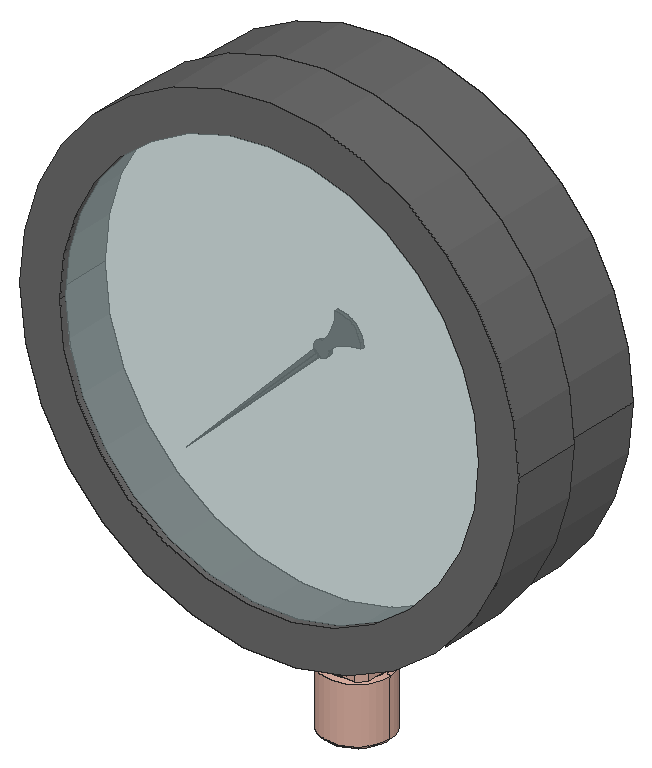
Revit family "РОСМА_Манометр_IP54", category Арматура трубопроводов, Revit 2018
Family settings
  Размер круглого соединителя = Использовать диаметр
  Тип детали = Вставляется
  На основе рабочей плоскости = Нет
  Всегда вертикально = Да
  При загрузке вырезать с полостями = Нет
  Общий = Нет
Parameters (values of type "610")
  Техническая документация = "ТУ 4212-001-4719015564-2008; ГОСТ 2405–88"  # constant formula
  Keynote = ""
  Ду [instance] = DN  # 15 mm
  Table_2 = "Спец_10серияIP54"  # constant formula
  Присоединение = "Радиальное"  # constant formula
  Описание = "Манометр показывающий ТМ серия 10, с повышенной  пылевлагозащищенностью."  # constant formula
  Межповерочный интервал = "2 года"  # constant formula
  Код IP = "IP54"  # constant formula
  Климатическое исполнение = "Группа Д2 по ГОСТ Р 52931; климатическое исполнение УХЛ категории 1.1 по ГОСТ 15150"  # constant formula
  Класс точности = "1,5"  # constant formula
  Исполнение = 610
  Изготовитель = "ЗАО \"РОСМА\""
  Диапазон раб. температур окр. среды [instance] = "от -60°С до +60°С"  # constant formula
  Диапазон раб. температур измер. среды [instance] = "от -50°С до +150°С"  # constant formula
  Table = "Размеры_10серияIP54"  # constant formula
  Счетчик списка [instance] = if(Диапазон давлений = Давление01, 1, if(Диапазон давлений = Давление03, 3, if(Диапазон давлений = Давление04, 4, if(Диапазон давлений = Давление05, 5, if(Диапазон давлений = Давление06, 6, if(Диапазон давлений = Давление07, 7, if(Диапазон давлений = Давление08, 8, if(Диапазон давлений = Давление09, 9, if(Диапазон давлений = Давление10, 10, if(Диапазон давлений = Давление11, 11, if(Диапазон давлений = Давление12, 12, if(Диапазон давлений = Давление13, 13, if(Диапазон давлений = Давление14, 14, if(Диапазон давлений = Давление15, 15, if(Диапазон давлений = Давление16, 16, if(Диапазон давлений = Давление17, 17, if(Диапазон давлений = Давление18, 18, if(Диапазон давлений = Давление19, 19, if(Диапазон давлений = Давление20, 20, if(Диапазон давлений = Давление21, 21, if(Диапазон давлений = Давление22, 22, if(Диапазон давлений = Давление23, 23, 24))))))))))))))))))))))  # 4
  G = 20 mm
  Dполости_переднСт [instance] = D_полости - 6 mm  # 128 mm
  Drezba = "M20"
  D_полости [instance] = D2 - 14 mm  # 134 mm
  DN = 15.00 mm
  Длина стрелки = D2 / 2 - 18 mm  # 56 mm
  Диапазон давлений [instance] = ‎ : ТМ 0…0,16МПа
  Давление24 = ‎ : ТМВ -0,1…2,4МПа
  Давление23 = ‎ : ТМВ -0,1…1,5МПа
  Давление22 = ‎ : ТМВ -0,1…0,9МПа
  Давление21 = ‎ : ТМВ -0,1…0,5МПа
  Давление20 = ‎ : ТМВ -0,1…0,3МПа
  Давление19 = ‎ : ТМВ -0,1…0,15МПа
  Давление18 = ‎ : ТМ 0…100МПа
  Давление17 = ‎ : ТМ 0…60МПа
  Давление16 = ‎ : ТМ 0…40МПа
  Давление15 = ‎ : ТМ 0…25МПа
  Давление09 = ‎ : ТМ 0…1,6МПа
  Давление08 = ‎ : ТМ 0…1,0МПа
  Давление07 = ‎ : ТМ 0…0,6МПа
  Давление06 = ‎ : ТМ 0…0,4МПа
  Давление05 = ‎ : ТМ 0…0,25МПа
  Давление04 = ‎ : ТМ 0…0,16МПа
  Давление03 = ‎ : ТМ 0…0,1МПа
  Давление14 = ‎ : ТМ 0…16МПа
  Давление13 = ‎ : ТМ 0…10МПа
  Давление12 = ‎ : ТМ 0…6МПа
  Давление11 = ‎ : ТМ 0…4МПа
  Давление10 = ‎ : ТМ 0…2,5МПа
  Давление01 = ‎ : ТВ -0,1…0МПа
  Группа модели = "Оборудование"
  h = 110 mm
  f = 18 mm
  e = 23 mm
  b-e = b - e  # 25 mm
  b = 48 mm
  URL = "https://rosma.spb.ru/manometers/s-povyshennoj-pylevlagozaschischennostyu/"
  S = 17 mm
  Rg2 [instance] = S / 2 + 6 mm  # 14.5 mm
  Rg1 [instance] = S / 2 + 2 mm  # 10.5 mm
  R_Logo = Длина стрелки - 5 mm  # 51 mm
  R2 шкала = D2 / 2 - 16 mm  # 58 mm
  R1 шкала = D2 / 2 - 14 mm  # 60 mm
  Lrezba = 15 mm
  Lgol = 2 mm
  h гайки = 17 mm
  Dgol [instance] = 18 mm
  Ddempfer [instance] = 6 mm  # constant formula
  D2 = 148 mm
  D2/2 [instance] = D2 / 2  # 74 mm
  D1 = 152 mm
  D = 150 mm
  Copyright = "EPICON"  # constant formula
  Author (e-mail) = "project@epicon.biz"  # constant formula
  ADSK_Примечание [instance] = ""
  ADSK_Позиция [instance] = ""
  ADSK_Наименование [instance] = size_lookup(Table, "ADSK_Наименование", "Нет в каталоге", Счетчик списка)  # "Манометр ТМ серия 10"
  ADSK_Масса_Текст = "0,71"
  ADSK_Марка [instance] = size_lookup(Table, "ADSK_Марка", "Нет в каталоге", Счетчик списка, Исполнение)  # "ТМ-610Р.00(0-0.16МРа)М20х1.5.1.5.IP54"
  ADSK_Количество = 1  # constant formula
  ADSK_Код изделия [instance] = " "
  ADSK_Завод-изготовитель [instance] = size_lookup(Table, "ADSK_Завод-изготовитель", "Нет в каталоге", Счетчик списка, Исполнение)  # "ЗАО \"РОСМА\""
  ADSK_Единица измерения = "шт."
Reference planes
  plane 1 "По центру (Вперед/Назад)": y = 0
  plane 2: z = 0
  plane 3 "По центру (Влево/Вправо)": x = 0
  plane 4 "b1": y = 15.6
  plane 5 "f2": y = -33.4
  plane 6 "f1": y = -15.6
  plane 7: z = 91
  plane 8 "стекло": y = -31.4
  plane 9 "Табло": y = -16.6
  plane 10 "sr": x = 8.5
  plane 11 "sl": x = -8.5
  plane 12 "sb": y = 8.5
  plane 13 "sf": y = -8.5
  plane 14 "низкорпуса": z = 17
  plane 15: z = -19
  plane 16: z = -21
  plane 17: z = 53.422
Forms (mm)
  Extrusion 1, solid, material "_Медь", detail levels fine
    sketch origin (0, 0, 17) x (-1, 0, 0) y (0, -1, 0)
      loop
        line (8.5, -8.5) -> (8.5, 8.5) -> (-8.5, 8.5) -> (-8.5, -8.5) -> (8.5, -8.5)
    from 0 to -17
  Extrusion 2, void
    sketch origin (0, 0, 17) x (-1, 0, 0) y (0, -1, 0)
      loop
        circle (0, 0) r 10.5
      loop
        circle (0, 0) r 14.5
    from 0 to -17
  Extrusion 3, solid, material "_Медь", detail levels fine
    sketch origin (0, 0, 17) x (-1, 0, 0) y (0, -1, 0)
      loop
        circle (0, 0) r 10
    from -17 to -36
  Sweep 4, void
    path in 3D
      loop
        arc (-10, 0, -19) -> (0, -10, -19) -> (10, 0, -19) r 10
        arc (10, 0, -19) -> (0, 10, -19) -> (-10, 0, -19) r 10
    profile origin (0, 10, -19) x (0, 1, 0) y (0, 0, -1)
      loop
        line (0, 0) -> (-1.016, 0) -> (0, -1.016) -> (0, 0)
  Sweep 5, void
    path in 3D
      loop
        arc (-10, 0, 0) -> (0, 10, 0) -> (10, 0, 0) r 10
        arc (10, 0, 0) -> (0, -10, 0) -> (-10, 0, 0) r 10
    profile origin (0, -10, 0) x (0, -1, 0) y (0, 0, 1)
      loop
        line (0, 0) -> (-1, 0) -> (0, -1) -> (0, 0)
  Extrusion 6, solid, material "_Медь", detail levels fine
    sketch origin (-21.391, -1524, 2) x (-1, 0, 0) y (0, -1, 0)
      loop
        circle (-21.391, -1524) r 3
    from -23 to -2
Cuts and joins
  Extrusion 2, Sweep 5 cuts Extrusion 1
  Sweep 4, Sweep 5 cuts Extrusion 3
  joined: Extrusion 1, Extrusion 3
Lines and regions (mm)
  reference lines
    curve 1: circle (0, 0, 0) r 17 normal (0, 0, 1)
    curve 2: circle (0, 0, 0) r 13 normal (0, 0, 1)
    curve 3: circle (0, 0, 17) r 10 normal (0, 0, 1)
  sketch lines
    curve 4: arc (10, 0, -19) -> (0, 10, -19) -> (-10, 0, -19) r 10
    curve 5: arc (-10, 0, -19) -> (0, -10, -19) -> (10, 0, -19) r 10
    curve 6: arc (10, 0, 0) -> (0, -10, 0) -> (-10, 0, 0) r 10
    curve 7: arc (-10, 0, 0) -> (0, 10, 0) -> (10, 0, 0) r 10
Dimensions and locks
  plane 5 "f2" to plane 1 "По центру (Вперед/Назад)" = 33.4 mm
  plane 1 "По центру (Вперед/Назад)" to plane 6 "f1" = 15.6 mm
  plane 4 "b1" to plane 1 "По центру (Вперед/Назад)" = 15.6 mm
  plane 8 "стекло" to plane 5 "f2" = 2 mm
  locked: plane 6 "f1" to plane 9 "Табло" at 1
  plane 3 "По центру (Влево/Вправо)" to plane 10 "sr" = 8.5 mm
  plane 11 "sl" to plane 3 "По центру (Влево/Вправо)" = 8.5 mm
  "D2/2": plane 7 to plane 14 "низкорпуса"
  "h": plane 7 to plane 15
  "h гайки": plane 14 "низкорпуса" to plane 2
  equal spacing: plane 12 "sb", plane 1 "По центру (Вперед/Назад)", plane 13 "sf"
  equal spacing: plane 11 "sl", plane 3 "По центру (Влево/Вправо)", plane 10 "sr"
  "S": plane 11 "sl" to plane 10 "sr"
  "S": plane 12 "sb" to plane 13 "sf"
  plane 17 to plane 14 "низкорпуса" = 36.422 mm
  "Lgol": plane 15 to plane 16
  radius of curve 1 = 17 mm
  radius of curve 2 = 13 mm
  radius of curve 3 = 10 mm
  "Rg1": radius of Extrusion 2 sketch curve
  "Rg2": radius of Extrusion 2 sketch curve
  "G": diameter of Extrusion 3 sketch curve
  "Ddempfer": diameter of Extrusion 6 sketch curve
  aligned and locked: level to plane 2
  aligned and locked: plane 14 "низкорпуса" to cut or joined group of Extrusion 1, Extrusion 2, Extrusion 3, Sweep 4, Sweep 5
  aligned and locked: plane 14 "низкорпуса" to Extrusion 2
  aligned and locked: Extrusion 2 to Extrusion 1
  aligned and locked: plane 2 to cut or joined group of Extrusion 1, Extrusion 2, Extrusion 3, Sweep 4, Sweep 5
  aligned and locked: Extrusion 6 to plane 16
  aligned and locked: cut or joined group of Extrusion 1, Extrusion 2, Extrusion 3, Sweep 4, Sweep 5 to plane 2
  aligned and locked: plane 3 "По центру (Влево/Вправо)" to nested 1
  aligned and locked: plane 1 "По центру (Вперед/Назад)" to nested 1
  aligned and locked: plane 2 to Extrusion 6
  aligned and locked: nested 1 to plane 7
  aligned and locked: plane 15 to cut or joined group of Extrusion 1, Extrusion 2, Extrusion 3, Sweep 4, Sweep 5
  aligned and locked: plane 3 "По центру (Влево/Вправо)" to nested 2
  aligned and locked: plane 1 "По центру (Вперед/Назад)" to nested 2
Automatic sketch dimensions
  curve 1 to curve 2 = 0 mm  (x2)
  plane 1 "По центру (Вперед/Назад)" to curve 2 = 0 mm
  curve 2 to plane 3 "По центру (Влево/Вправо)" = 0 mm
  Extrusion 1 sketch curve to plane 10 "sr" = 0 mm
  Extrusion 1 sketch curve to plane 11 "sl" = 0 mm
  Extrusion 1 sketch curve to plane 12 "sb" = 0 mm
  Extrusion 1 sketch curve to plane 13 "sf" = 0 mm
  plane 1 "По центру (Вперед/Назад)" to curve 3 = 0 mm
  curve 3 to plane 3 "По центру (Влево/Вправо)" = 0 mm
  profile plane to Sweep 4 sketch curve = 0 mm
  Sweep 4 sketch curve to profile plane = 0 mm
  profile plane to Sweep 4 sketch curve = 1.016 mm
  Sweep 4 sketch curve to profile plane = 1.016 mm
  Sweep 5 sketch curve to profile plane = 0 mm  (x2)
  profile plane to Sweep 5 sketch curve = 1 mm
  Sweep 5 sketch curve to profile plane = 1 mm
  Extrusion 2 sketch curve to Extrusion 2 sketch curve = 0 mm  (x2)
  plane 1 "По центру (Вперед/Назад)" to Extrusion 2 sketch curve = 0 mm
  Extrusion 2 sketch curve to plane 3 "По центру (Влево/Вправо)" = 0 mm
  plane 1 "По центру (Вперед/Назад)" to Extrusion 3 sketch curve = 0 mm
  Extrusion 3 sketch curve to plane 3 "По центру (Влево/Вправо)" = 0 mm
  plane 1 "По центру (Вперед/Назад)" to Extrusion 6 sketch curve = 0 mm
  Extrusion 6 sketch curve to plane 3 "По центру (Влево/Вправо)" = 0 mm
Nested families
  nested 1: "Корпус манометра_Ст_Исп_IP54" at (0, 0, 91), D1 <- "D1", D2 <- "D2", Диаметр полости <- "D_полости", R2_шкала <- "R2 шкала", R1_шкала <- "R1 шкала", Длина стрелки <- "Длина стрелки", R_лого <- "R_Logo", b-е <- "b-e", e <- "e", Dполости_переднСт <- "Dполости_переднСт", type "ТМ", detail levels fine
    with Угол раскрытия 0.00°, Длина стрелки 56 mm, Диаметр полости 134 mm, e 23 mm, b-е 25 mm, R_лого 51 mm, R2_шкала 58 mm, R1_шкала 60 mm, N2_шкала 0, N1_шкала 0, Dполости_переднСт 128 mm, D2 148 mm, D1 152 mm
  nested 2: "DAA_УГО_МанометрПоказывающий_ГОСТ21.208-2013" at (0, 0, 0), type "DAA_УГО_МанометрПоказывающий_ГОСТ21.208-2013", detail levels coarse+medium
Connectors
  piping at (0, 0, 0), diameter 15, driven by "DN"
    settings: on Extrusion 6, index 1, connector inside diameter 609.6 mm, connector length 0 mm, flow factor 0, pipe flow 0.0 L/s, pressure drop 0 MPa, fitting loss kfactor 0, connector angle 0.00°, fixture units 0, engagement length 0 mm, angle of deflection 0.00°, flow configuration 0, flow direction 0, fitting loss method 0, system type 7, joint type 0, gender type 0, connector reference index -1, connector utility 0, adjustable connector no, is connector primary yes, connector description ""
Definition of nested family "Корпус манометра_Ст_Исп_IP54"
  Parameters (values of type "ТМ")
    блокировка = 16.236 mm
    блок = 0 mm
    Угол раскрытия [instance] = 0.00°
    Description = ""
    Материал корпуса [instance] = none
    Manufacturer = ""
    Длина стрелки [instance] = 30.558 mm
    Диаметр полости [instance] = 98 mm
    Model = "Оборудование"
    e [instance] = 17.8 mm
    b-е [instance] = 31.2 mm
    URL = ""
    R_лого [instance] = 21.217 mm
    N2_шкала [instance] = 0
    N1_шкала [instance] = 0
    Dполости_переднСт [instance] = 92 mm
    D2 [instance] = 98 mm
    D1 [instance] = 100 mm
    Copyright = "ЭПИКОН"  # constant formula
    Author (e-mail) = "https://epicon.biz"  # constant formula
    R2_шкала [instance] = 80 mm
    R1_шкала [instance] = 60 mm
  Reference planes
    plane 1 "По центру (Вперед/Назад)": y = 0
    plane 2: z = 0
    plane 3 "По центру (Влево/Вправо)": x = 0
    plane 4 "задняя стенка": y = 15.6
    plane 5 "f2": y = -33.4
    plane 6 "f1": y = -15.6
    plane 7 "стекло": y = -31.4
    plane 8 "Табло": y = -16.6
    plane 9 "sr": x = 11
    plane 10 "sl": x = -11
    plane 11 "sb": y = 11
    plane 12 "sf": y = -11
    plane 13: z = -49
    plane 14: through (-2.116, -1524, -0.789) normal (0.7071, 0, 0.7071)
    plane 15: through (0, -1524, 0) normal (0.7071, 0, -0.7071)
    plane 16: through (0, -1524, 0) normal (0.7071, 0, -0.7071)
    plane 17: through (-25.815, -1524, -20.305) normal (0.7071, 0, 0.7071)
    plane 18: y = 15.6
    plane 19 "толщина стрелки": y = -16.6
  Forms (mm)
    Extrusion 1, void
      sketch origin (-603.868, 0, -179.968) x (1, 0, 0) y (0, 0, 1)
        loop
          circle (603.868, 179.968) r 49
      from 15.6 to 31.4
    Extrusion 2, solid, detail levels fine
      sketch origin (-355.068, -31.4, -174.854) x (-1, 0, 0) y (0, 0, 1)
        loop
          circle (-355.068, 174.854) r 49
      from 0 to 2
    Extrusion 3, solid, material <- "Материал корпуса", detail levels fine
      sketch origin (-402.089, 0, -169.881) x (1, 0, 0) y (0, 0, 1)
        loop
          circle (402.089, 169.881) r 50
      from 15.6 to 33.4
    Extrusion 4, solid, material <- "Материал корпуса", detail levels fine
      sketch origin (-312.609, 0, -285.527) x (1, 0, 0) y (0, 0, 1)
        loop
          circle (312.609, 285.527) r 49
      from -15.6 to 15.6
    Extrusion 5, solid, detail levels fine
      sketch origin (-55.684, -16.6, 0) x (-1, 0, 0) y (0, 0, 1)
        loop
          arc (-56.075, 2.339) -> (-58.877, 6.819) -> (-59.807, 12.021) r 13.923
          arc (-59.807, 12.021) -> (-65.373, 9.716) -> (-67.678, 4.15) r 7.871
          arc (-67.678, 4.15) -> (-62.461, 3.301) -> (-58.013, 0.444) r 12.998
          arc (-58.013, 0.444) -> (-54.026, -1.695) -> (-56.075, 2.339) r 2.371
      from 0 to 1
    Extrusion 6, solid
      sketch origin (0, -16.6, 0) x (-1, 0, 0) y (0, 0, 1)
        loop
          line (23.06, -23.06) -> (2.291, -0.614) -> (1.452, -1.452) -> (23.06, -23.06)
      from 0 to 1
    Extrusion 7, solid
      sketch origin (0, -16.6, 0) x (0, 0, -1) y (-1, 0, 0)
        loop
          line (23.06, 23.06) -> (1.452, 1.452) -> (2.291, 0.614) -> (23.06, 23.06)
      from 0 to 1
    Extrusion 8, void
      sketch origin (0, -16.6, 0) x (-1, 0, 0) y (0, 0, 1)
        loop
          circle (0, 0) r 46
      from -16.8 to -14.8
  Cuts and joins
    Extrusion 1, Extrusion 8 cuts Extrusion 3
    Extrusion 8 cuts Extrusion 4
    Extrusion 8 cuts Extrusion 5
    Extrusion 8 cuts Extrusion 6
    Extrusion 8 cuts Extrusion 7
  Lines and regions (mm)
    model lines, not visible
      curve 1: line (97.62, 15.6, 6.514) -> (97.62, 15.6, 2.045)
      curve 2: line (97.62, 15.6, 2.045) -> (96.54, 15.6, 2.045)
      curve 3: line (96.54, 15.6, 2.045) -> (96.54, 15.6, 3.335)
      curve 4: line (96.54, 15.6, 3.335) -> (95.49, 15.6, 3.335)
      curve 5: line (95.712, 15.6, 6.514) -> (97.62, 15.6, 6.514)
      curve 6: arc (95.712, 15.6, 6.514) -> (94.35, 15.6, 5.012) -> (95.49, 15.6, 3.335) r 1.639
      curve 7: line (95.834, 15.6, 5.755) -> (96.697, 15.6, 5.755)
      curve 8: line (96.697, 15.6, 5.755) -> (96.697, 15.6, 4.198)
      curve 9: line (96.697, 15.6, 4.198) -> (95.834, 15.6, 4.198)
      curve 10: arc (95.834, 15.6, 5.755) -> (95.056, 15.6, 4.977) -> (95.834, 15.6, 4.198) r 0.779
      curve 11: circle (91.712, 15.6, 4.198) r 2.25 normal (0, -1, 0)
      curve 12: circle (91.712, 15.6, 4.198) r 1.301 normal (0, -1, 0)
      curve 13: arc (85.593, 15.6, 5.171) -> (87.99, 15.6, 4.265) -> (85.603, 15.6, 3.335) r 1.372
      curve 14: arc (84.964, 15.6, 2.754) -> (88.939, 15.6, 4.277) -> (84.964, 15.6, 5.801) r 2.28
      curve 15: line (84.964, 15.6, 5.801) -> (85.593, 15.6, 5.171)
      curve 16: line (85.603, 15.6, 3.335) -> (84.964, 15.6, 2.754)
      curve 17: line (84.167, 15.6, 2.029) -> (84.167, 15.6, 6.597)
      curve 18: line (84.167, 15.6, 6.597) -> (83.045, 15.6, 6.597)
      curve 19: line (83.045, 15.6, 6.597) -> (81.77, 15.6, 3.983)
      curve 20: line (81.77, 15.6, 3.983) -> (80.438, 15.6, 6.597)
      curve 21: line (80.438, 15.6, 6.597) -> (79.394, 15.6, 6.597)
      curve 22: line (79.394, 15.6, 6.597) -> (79.394, 15.6, 2.029)
      curve 23: line (79.394, 15.6, 2.029) -> (80.365, 15.6, 2.029)
      curve 24: line (80.365, 15.6, 2.029) -> (80.365, 15.6, 4.099)
      curve 25: line (80.365, 15.6, 4.099) -> (81.305, 15.6, 2.595)
      curve 26: line (81.305, 15.6, 2.595) -> (82.194, 15.6, 2.595)
      curve 27: line (82.194, 15.6, 2.595) -> (83.119, 15.6, 4.134)
      curve 28: line (83.119, 15.6, 4.134) -> (83.119, 15.6, 2.029)
      curve 29: line (83.119, 15.6, 2.029) -> (84.167, 15.6, 2.029)
      curve 30: line (78.906, 15.6, 2.029) -> (77.704, 15.6, 6.517)
      curve 31: line (77.704, 15.6, 6.517) -> (76.253, 15.6, 6.517)
      curve 32: line (76.253, 15.6, 6.517) -> (75.05, 15.6, 2.029)
      curve 33: line (75.05, 15.6, 2.029) -> (76.023, 15.6, 2.029)
      curve 34: line (76.023, 15.6, 2.029) -> (76.374, 15.6, 3.173)
      curve 35: line (76.374, 15.6, 3.173) -> (77.569, 15.6, 3.173)
      curve 36: line (77.569, 15.6, 3.173) -> (77.92, 15.6, 2.029)
      curve 37: line (77.92, 15.6, 2.029) -> (78.906, 15.6, 2.029)
      curve 38: line (77.47, 15.6, 4.202) -> (76.506, 15.6, 4.202)
      curve 39: line (76.506, 15.6, 4.202) -> (76.95, 15.6, 5.65)
      curve 40: line (76.95, 15.6, 5.65) -> (77.47, 15.6, 4.202)
      curve 41: arc (87.126, 15.6, 18.346) -> (89.931, 15.6, 13.899) -> (85.119, 15.6, 11.78) r 3.471
      curve 42: arc (87.164, 15.6, 20.585) -> (92.034, 15.6, 12.938) -> (83.388, 15.6, 10.21) r 5.715
      curve 43: line (83.388, 15.6, 10.21) -> (85.119, 15.6, 11.78)
      curve 44: line (87.126, 15.6, 18.346) -> (87.126, 15.6, 17.124)
      curve 45: line (87.126, 15.6, 17.124) -> (84.252, 15.6, 19.536)
      curve 46: line (84.252, 15.6, 19.536) -> (87.126, 15.6, 21.948)
      curve 47: line (87.126, 15.6, 21.948) -> (87.164, 15.6, 20.585)
      curve 48: arc (83.468, 15.6, 20.663) -> (79.577, 15.6, 17.734) -> (82.187, 15.6, 13.622) r 3.59
      curve 49: arc (82.763, 15.6, 18.317) -> (81.865, 15.6, 17.051) -> (82.819, 15.6, 15.827) r 1.3
      curve 50: line (83.468, 15.6, 20.663) -> (82.175, 15.6, 19.499)
      curve 51: line (82.175, 15.6, 19.499) -> (83.518, 15.6, 18.332)
      curve 52: line (83.518, 15.6, 18.332) -> (82.763, 15.6, 18.317)
      curve 53: line (82.819, 15.6, 15.827) -> (86.12, 15.6, 15.827)
      curve 54: line (86.12, 15.6, 15.827) -> (86.917, 15.6, 15.03)
      curve 55: line (86.917, 15.6, 15.03) -> (81.209, 15.6, 9.322)
      curve 56: line (81.209, 15.6, 9.322) -> (79.962, 15.6, 11.397)
      curve 57: line (79.962, 15.6, 11.397) -> (82.187, 15.6, 13.622)
      curve 374: line (-115.377, -15.6, -29.501) -> (-115.377, -15.6, -33.97)
      curve 375: line (-115.377, -15.6, -33.97) -> (-114.298, -15.6, -33.97)
      curve 376: line (-114.298, -15.6, -33.97) -> (-114.298, -15.6, -32.68)
      curve 377: line (-114.298, -15.6, -32.68) -> (-113.247, -15.6, -32.68)
      curve 378: line (-113.469, -15.6, -29.501) -> (-115.377, -15.6, -29.501)
      curve 379: arc (-113.469, -15.6, -29.501) -> (-112.107, -15.6, -31.003) -> (-113.247, -15.6, -32.68) r 1.639
      curve 380: line (-113.592, -15.6, -30.26) -> (-114.454, -15.6, -30.26)
      curve 381: line (-114.454, -15.6, -30.26) -> (-114.454, -15.6, -31.817)
      curve 382: line (-114.454, -15.6, -31.817) -> (-113.592, -15.6, -31.817)
      curve 383: arc (-113.592, -15.6, -30.26) -> (-112.813, -15.6, -31.038) -> (-113.592, -15.6, -31.817) r 0.779
      curve 384: circle (-109.469, -15.6, -31.817) r 2.25 normal (0, 1, 0)
      curve 385: circle (-109.469, -15.6, -31.817) r 1.301 normal (0, 1, 0)
      curve 386: arc (-103.351, -15.6, -30.844) -> (-105.747, -15.6, -31.75) -> (-103.36, -15.6, -32.68) r 1.372
      curve 387: arc (-102.721, -15.6, -33.261) -> (-106.697, -15.6, -31.738) -> (-102.721, -15.6, -30.214) r 2.28
      curve 388: line (-102.721, -15.6, -30.214) -> (-103.351, -15.6, -30.844)
      curve 389: line (-103.36, -15.6, -32.68) -> (-102.721, -15.6, -33.261)
      curve 390: line (-101.924, -15.6, -33.986) -> (-101.924, -15.6, -29.418)
      curve 391: line (-101.924, -15.6, -29.418) -> (-100.803, -15.6, -29.418)
      curve 392: line (-100.803, -15.6, -29.418) -> (-99.527, -15.6, -32.032)
      curve 393: line (-99.527, -15.6, -32.032) -> (-98.195, -15.6, -29.418)
      curve 394: line (-98.195, -15.6, -29.418) -> (-97.152, -15.6, -29.418)
      curve 395: line (-97.152, -15.6, -29.418) -> (-97.152, -15.6, -33.986)
      curve 396: line (-97.152, -15.6, -33.986) -> (-98.123, -15.6, -33.986)
      curve 397: line (-98.123, -15.6, -33.986) -> (-98.123, -15.6, -31.916)
      curve 398: line (-98.123, -15.6, -31.916) -> (-99.063, -15.6, -33.42)
      curve 399: line (-99.063, -15.6, -33.42) -> (-99.951, -15.6, -33.42)
      curve 400: line (-99.951, -15.6, -33.42) -> (-100.876, -15.6, -31.881)
      curve 401: line (-100.876, -15.6, -31.881) -> (-100.876, -15.6, -33.986)
      curve 402: line (-100.876, -15.6, -33.986) -> (-101.924, -15.6, -33.986)
      curve 403: line (-96.664, -15.6, -33.986) -> (-95.461, -15.6, -29.498)
      curve 404: line (-95.461, -15.6, -29.498) -> (-94.01, -15.6, -29.498)
      curve 405: line (-94.01, -15.6, -29.498) -> (-92.808, -15.6, -33.986)
      curve 406: line (-92.808, -15.6, -33.986) -> (-93.78, -15.6, -33.986)
      curve 407: line (-93.78, -15.6, -33.986) -> (-94.131, -15.6, -32.842)
      curve 408: line (-94.131, -15.6, -32.842) -> (-95.326, -15.6, -32.842)
      curve 409: line (-95.326, -15.6, -32.842) -> (-95.677, -15.6, -33.986)
      curve 410: line (-95.677, -15.6, -33.986) -> (-96.664, -15.6, -33.986)
      curve 411: line (-95.228, -15.6, -31.813) -> (-94.264, -15.6, -31.813)
      curve 412: line (-94.264, -15.6, -31.813) -> (-94.708, -15.6, -30.365)
      curve 413: line (-94.708, -15.6, -30.365) -> (-95.228, -15.6, -31.813)
      curve 414: arc (-104.884, -15.6, -17.669) -> (-107.689, -15.6, -22.116) -> (-102.876, -15.6, -24.235) r 3.471
      curve 415: arc (-104.921, -15.6, -15.43) -> (-109.791, -15.6, -23.077) -> (-101.145, -15.6, -25.805) r 5.715
      curve 416: line (-101.145, -15.6, -25.805) -> (-102.876, -15.6, -24.235)
      curve 417: line (-104.884, -15.6, -17.669) -> (-104.884, -15.6, -18.891)
      curve 418: line (-104.884, -15.6, -18.891) -> (-102.009, -15.6, -16.479)
      curve 419: line (-102.009, -15.6, -16.479) -> (-104.884, -15.6, -14.067)
      curve 420: line (-104.884, -15.6, -14.067) -> (-104.921, -15.6, -15.43)
      curve 421: arc (-101.226, -15.6, -15.352) -> (-97.335, -15.6, -18.281) -> (-99.944, -15.6, -22.393) r 3.59
      curve 422: arc (-100.52, -15.6, -17.698) -> (-99.622, -15.6, -18.964) -> (-100.576, -15.6, -20.188) r 1.3
      curve 423: line (-101.226, -15.6, -15.352) -> (-99.933, -15.6, -16.516)
      curve 424: line (-99.933, -15.6, -16.516) -> (-101.276, -15.6, -17.683)
      curve 425: line (-101.276, -15.6, -17.683) -> (-100.52, -15.6, -17.698)
      curve 426: line (-100.576, -15.6, -20.188) -> (-103.878, -15.6, -20.188)
      curve 427: line (-103.878, -15.6, -20.188) -> (-104.675, -15.6, -20.985)
      curve 428: line (-104.675, -15.6, -20.985) -> (-98.966, -15.6, -26.693)
      curve 429: line (-98.966, -15.6, -26.693) -> (-97.719, -15.6, -24.618)
      curve 430: line (-97.719, -15.6, -24.618) -> (-99.944, -15.6, -22.393)
    model lines, detail levels fine
      curve 58: line (60.033, -15.6, -60.174) -> (58.238, -15.6, -58.379)
      curve 59: line (-60.174, -15.6, -60.033) -> (-58.379, -15.6, -58.238)
      curve 60: line (63.15, -15.6, -56.894) -> (61.262, -15.6, -55.197)
      curve 61: line (66.088, -15.6, -53.453) -> (64.113, -15.6, -51.858)
      curve 62: line (68.885, -15.6, -49.797) -> (66.826, -15.6, -48.312)
      curve 63: line (71.452, -15.6, -46.038) -> (69.316, -15.6, -44.666)
      curve 64: line (73.813, -15.6, -42.148) -> (71.607, -15.6, -40.892)
      curve 65: line (75.963, -15.6, -38.137) -> (73.693, -15.6, -37)
      curve 66: line (77.896, -15.6, -34.016) -> (75.568, -15.6, -33.003)
      curve 67: line (79.605, -15.6, -29.798) -> (77.226, -15.6, -28.911)
      curve 68: line (81.086, -15.6, -25.494) -> (78.663, -15.6, -24.736)
      curve 69: line (82.334, -15.6, -21.118) -> (79.874, -15.6, -20.49)
      curve 70: line (83.346, -15.6, -16.681) -> (80.857, -15.6, -16.185)
      curve 71: line (84.12, -15.6, -12.196) -> (81.607, -15.6, -11.835)
      curve 72: line (84.652, -15.6, -7.676) -> (82.123, -15.6, -7.45)
      curve 73: line (84.941, -15.6, -3.134) -> (82.404, -15.6, -3.043)
      curve 74: line (84.987, -15.6, 1.417) -> (82.449, -15.6, 1.372)
      curve 75: line (84.79, -15.6, 5.964) -> (82.258, -15.6, 5.783)
      curve 76: line (84.349, -15.6, 10.494) -> (81.83, -15.6, 10.177)
      curve 77: line (83.666, -15.6, 14.993) -> (81.168, -15.6, 14.543)
      curve 78: line (82.744, -15.6, 19.45) -> (80.273, -15.6, 18.866)
      curve 79: line (81.584, -15.6, 23.851) -> (79.149, -15.6, 23.136)
      curve 80: line (80.191, -15.6, 28.183) -> (77.797, -15.6, 27.339)
      curve 81: line (78.567, -15.6, 32.435) -> (76.222, -15.6, 31.464)
      curve 82: line (76.718, -15.6, 36.594) -> (74.429, -15.6, 35.498)
      curve 83: line (74.65, -15.6, 40.648) -> (72.422, -15.6, 39.431)
      curve 84: line (72.367, -15.6, 44.585) -> (70.208, -15.6, 43.251)
      curve 85: line (69.877, -15.6, 48.395) -> (67.792, -15.6, 46.947)
      curve 86: line (67.187, -15.6, 52.065) -> (65.182, -15.6, 50.508)
      curve 87: line (64.304, -15.6, 55.587) -> (62.385, -15.6, 53.924)
      curve 88: line (61.236, -15.6, 58.949) -> (59.409, -15.6, 57.186)
      curve 89: line (57.993, -15.6, 62.142) -> (56.263, -15.6, 60.284)
      curve 90: line (54.584, -15.6, 65.157) -> (52.956, -15.6, 63.209)
      curve 91: line (51.018, -15.6, 67.985) -> (49.497, -15.6, 65.953)
      curve 92: line (47.306, -15.6, 70.618) -> (45.896, -15.6, 68.508)
      curve 93: line (43.459, -15.6, 73.049) -> (42.163, -15.6, 70.866)
      curve 94: line (39.486, -15.6, 75.271) -> (38.31, -15.6, 73.021)
      curve 95: line (35.401, -15.6, 77.276) -> (34.346, -15.6, 74.967)
      curve 96: line (31.214, -15.6, 79.06) -> (30.285, -15.6, 76.698)
      curve 97: line (26.938, -15.6, 80.618) -> (26.136, -15.6, 78.209)
      curve 98: line (22.584, -15.6, 81.944) -> (21.912, -15.6, 79.496)
      curve 99: line (18.166, -15.6, 83.035) -> (17.626, -15.6, 80.555)
      curve 100: line (13.695, -15.6, 83.888) -> (13.289, -15.6, 81.383)
      curve 101: line (9.186, -15.6, 84.501) -> (8.914, -15.6, 81.977)
      curve 102: line (4.65, -15.6, 84.872) -> (4.514, -15.6, 82.337)
      curve 103: line (0.1, -15.6, 84.999) -> (0.1, -15.6, 82.461)
      curve 104: line (-4.449, -15.6, 84.883) -> (-4.314, -15.6, 82.348)
      curve 105: line (-8.986, -15.6, 84.523) -> (-8.715, -15.6, 81.999)
      curve 106: line (-13.498, -15.6, 83.921) -> (-13.091, -15.6, 81.415)
      curve 107: line (-17.97, -15.6, 83.078) -> (-17.43, -15.6, 80.597)
      curve 108: line (-22.391, -15.6, 81.997) -> (-21.719, -15.6, 79.549)
      curve 109: line (-26.748, -15.6, 80.681) -> (-25.946, -15.6, 78.272)
      curve 110: line (-31.028, -15.6, 79.134) -> (-30.098, -15.6, 76.771)
      curve 111: line (-35.219, -15.6, 77.359) -> (-34.164, -15.6, 75.05)
      curve 112: line (-39.309, -15.6, 75.363) -> (-38.132, -15.6, 73.114)
      curve 113: line (-43.286, -15.6, 73.151) -> (-41.991, -15.6, 70.968)
      curve 114: line (-47.14, -15.6, 70.73) -> (-45.729, -15.6, 68.619)
      curve 115: line (-50.858, -15.6, 68.105) -> (-49.337, -15.6, 66.073)
      curve 116: line (-54.43, -15.6, 65.285) -> (-52.802, -15.6, 63.338)
      curve 117: line (-57.847, -15.6, 62.279) -> (-56.117, -15.6, 60.421)
      curve 118: line (-61.097, -15.6, 59.093) -> (-59.27, -15.6, 57.33)
      curve 119: line (-64.172, -15.6, 55.738) -> (-62.254, -15.6, 54.076)
      curve 120: line (-67.064, -15.6, 52.224) -> (-65.059, -15.6, 50.666)
      curve 121: line (-69.763, -15.6, 48.559) -> (-67.678, -15.6, 47.111)
      curve 122: line (-72.262, -15.6, 44.756) -> (-70.102, -15.6, 43.421)
      curve 123: line (-74.554, -15.6, 40.824) -> (-72.326, -15.6, 39.607)
      curve 124: line (-76.632, -15.6, 36.775) -> (-74.342, -15.6, 35.679)
      curve 125: line (-78.491, -15.6, 32.62) -> (-76.145, -15.6, 31.649)
      curve 126: line (-80.124, -15.6, 28.372) -> (-77.73, -15.6, 27.528)
      curve 127: line (-81.528, -15.6, 24.043) -> (-79.092, -15.6, 23.328)
      curve 128: line (-82.698, -15.6, 19.645) -> (-80.227, -15.6, 19.061)
      curve 129: line (-83.631, -15.6, 15.19) -> (-81.133, -15.6, 14.74)
      curve 130: line (-84.324, -15.6, 10.692) -> (-81.805, -15.6, 10.376)
      curve 131: line (-84.775, -15.6, 6.164) -> (-82.243, -15.6, 5.983)
      curve 132: line (-84.984, -15.6, 1.617) -> (-82.446, -15.6, 1.572)
      curve 133: line (-84.948, -15.6, -2.934) -> (-82.412, -15.6, -2.843)
      curve 134: line (-84.67, -15.6, -7.476) -> (-82.141, -15.6, -7.25)
      curve 135: line (-84.148, -15.6, -11.997) -> (-81.635, -15.6, -11.636)
      curve 136: line (-83.385, -15.6, -16.484) -> (-80.896, -15.6, -15.989)
      curve 137: line (-82.383, -15.6, -20.924) -> (-79.924, -15.6, -20.296)
      curve 138: line (-81.145, -15.6, -25.303) -> (-78.723, -15.6, -24.545)
      curve 139: line (-79.675, -15.6, -29.61) -> (-77.296, -15.6, -28.723)
      curve 140: line (-77.976, -15.6, -33.832) -> (-75.648, -15.6, -32.819)
      curve 141: line (-76.053, -15.6, -37.957) -> (-73.783, -15.6, -36.821)
      curve 142: line (-73.912, -15.6, -41.974) -> (-71.707, -15.6, -40.718)
      curve 143: line (-71.56, -15.6, -45.87) -> (-69.424, -15.6, -44.497)
      curve 144: line (-69.002, -15.6, -49.634) -> (-66.943, -15.6, -48.149)
      curve 145: line (-66.247, -15.6, -53.256) -> (-64.27, -15.6, -51.663)
      curve 146: line (-63.301, -15.6, -56.726) -> (-61.413, -15.6, -55.029)
      curve 147: line (43.52, -15.6, -43.52) -> (41.332, -15.6, -41.332)
      curve 148: line (-43.52, -15.6, -43.52) -> (-41.332, -15.6, -41.332)
      curve 149: line (60.365, -15.6, -12.007) -> (57.33, -15.6, -11.404)
      curve 150: line (56.862, -15.6, 23.553) -> (54.003, -15.6, 22.369)
      curve 151: line (34.194, -15.6, 51.175) -> (32.475, -15.6, 48.602)
      curve 152: line (0, -15.6, 61.547) -> (0, -15.6, 58.453)
      curve 153: line (-34.194, -15.6, 51.175) -> (-32.475, -15.6, 48.602)
      curve 154: line (-56.862, -15.6, 23.553) -> (-54.003, -15.6, 22.369)
      curve 155: line (-60.365, -15.6, -12.007) -> (-57.33, -15.6, -11.404)
    model lines, not visible, detail levels fine
      curve 156: line (248.297, -16.6, -114.05) -> (246.109, -16.6, -111.861)
      curve 157: line (264.809, -16.6, -130.703) -> (263.014, -16.6, -128.908)
      curve 217: line (60.033, -16.6, -60.174) -> (58.238, -16.6, -58.379)
      curve 218: line (-60.174, -16.6, -60.033) -> (-58.379, -16.6, -58.238)
      curve 219: line (63.15, -16.6, -56.894) -> (61.262, -16.6, -55.197)
      curve 220: line (66.088, -16.6, -53.453) -> (64.113, -16.6, -51.858)
      curve 221: line (68.885, -16.6, -49.797) -> (66.826, -16.6, -48.312)
      curve 222: line (71.452, -16.6, -46.038) -> (69.316, -16.6, -44.666)
      curve 223: line (73.813, -16.6, -42.148) -> (71.607, -16.6, -40.892)
      curve 224: line (75.963, -16.6, -38.137) -> (73.693, -16.6, -37)
      curve 225: line (77.896, -16.6, -34.016) -> (75.568, -16.6, -33.003)
      curve 226: line (79.605, -16.6, -29.798) -> (77.226, -16.6, -28.911)
      curve 227: line (81.086, -16.6, -25.494) -> (78.663, -16.6, -24.736)
      curve 228: line (82.334, -16.6, -21.118) -> (79.874, -16.6, -20.49)
      curve 229: line (83.346, -16.6, -16.681) -> (80.857, -16.6, -16.185)
      curve 230: line (84.12, -16.6, -12.196) -> (81.607, -16.6, -11.835)
      curve 231: line (84.652, -16.6, -7.676) -> (82.123, -16.6, -7.45)
      curve 232: line (84.941, -16.6, -3.134) -> (82.404, -16.6, -3.043)
      curve 233: line (84.987, -16.6, 1.417) -> (82.449, -16.6, 1.372)
      curve 234: line (84.79, -16.6, 5.964) -> (82.258, -16.6, 5.783)
      curve 235: line (84.349, -16.6, 10.494) -> (81.83, -16.6, 10.177)
      curve 236: line (83.666, -16.6, 14.993) -> (81.168, -16.6, 14.543)
      curve 237: line (82.744, -16.6, 19.45) -> (80.273, -16.6, 18.866)
      curve 238: line (81.584, -16.6, 23.851) -> (79.149, -16.6, 23.136)
      curve 239: line (80.191, -16.6, 28.183) -> (77.797, -16.6, 27.339)
      curve 240: line (78.567, -16.6, 32.435) -> (76.222, -16.6, 31.464)
      curve 241: line (76.718, -16.6, 36.594) -> (74.429, -16.6, 35.498)
      curve 242: line (74.65, -16.6, 40.648) -> (72.422, -16.6, 39.431)
      curve 243: line (72.367, -16.6, 44.585) -> (70.208, -16.6, 43.251)
      curve 244: line (69.877, -16.6, 48.395) -> (67.792, -16.6, 46.947)
      curve 245: line (67.187, -16.6, 52.065) -> (65.182, -16.6, 50.508)
      curve 246: line (64.304, -16.6, 55.587) -> (62.385, -16.6, 53.924)
      curve 247: line (61.236, -16.6, 58.949) -> (59.409, -16.6, 57.186)
      curve 248: line (57.993, -16.6, 62.142) -> (56.263, -16.6, 60.284)
      curve 249: line (54.584, -16.6, 65.157) -> (52.956, -16.6, 63.209)
      curve 250: line (51.018, -16.6, 67.985) -> (49.497, -16.6, 65.953)
      curve 251: line (47.306, -16.6, 70.618) -> (45.896, -16.6, 68.508)
      curve 252: line (43.459, -16.6, 73.049) -> (42.163, -16.6, 70.866)
      curve 253: line (39.486, -16.6, 75.271) -> (38.31, -16.6, 73.021)
      curve 254: line (35.401, -16.6, 77.276) -> (34.346, -16.6, 74.967)
      curve 255: line (31.214, -16.6, 79.06) -> (30.285, -16.6, 76.698)
      curve 256: line (26.938, -16.6, 80.618) -> (26.136, -16.6, 78.209)
      curve 257: line (22.584, -16.6, 81.944) -> (21.912, -16.6, 79.496)
      curve 258: line (18.166, -16.6, 83.035) -> (17.626, -16.6, 80.555)
      curve 259: line (13.695, -16.6, 83.888) -> (13.289, -16.6, 81.383)
      curve 260: line (9.186, -16.6, 84.501) -> (8.914, -16.6, 81.977)
      curve 261: line (4.65, -16.6, 84.872) -> (4.514, -16.6, 82.337)
      curve 262: line (0.1, -16.6, 84.999) -> (0.1, -16.6, 82.461)
      curve 263: line (-4.449, -16.6, 84.883) -> (-4.314, -16.6, 82.348)
      curve 264: line (-8.986, -16.6, 84.523) -> (-8.715, -16.6, 81.999)
      curve 265: line (-13.498, -16.6, 83.921) -> (-13.091, -16.6, 81.415)
      curve 266: line (-17.97, -16.6, 83.078) -> (-17.43, -16.6, 80.597)
      curve 267: line (-22.391, -16.6, 81.997) -> (-21.719, -16.6, 79.549)
      curve 268: line (-26.748, -16.6, 80.681) -> (-25.946, -16.6, 78.272)
      curve 269: line (-31.028, -16.6, 79.134) -> (-30.098, -16.6, 76.771)
      curve 270: line (-35.219, -16.6, 77.359) -> (-34.164, -16.6, 75.05)
      curve 271: line (-39.309, -16.6, 75.363) -> (-38.132, -16.6, 73.114)
      curve 272: line (-43.286, -16.6, 73.151) -> (-41.991, -16.6, 70.968)
      curve 273: line (-47.14, -16.6, 70.73) -> (-45.729, -16.6, 68.619)
      curve 274: line (-50.858, -16.6, 68.105) -> (-49.337, -16.6, 66.073)
      curve 275: line (-54.43, -16.6, 65.285) -> (-52.802, -16.6, 63.338)
      curve 276: line (-57.847, -16.6, 62.279) -> (-56.117, -16.6, 60.421)
      curve 277: line (-61.097, -16.6, 59.093) -> (-59.27, -16.6, 57.33)
      curve 278: line (-64.172, -16.6, 55.738) -> (-62.254, -16.6, 54.076)
      curve 279: line (-67.064, -16.6, 52.224) -> (-65.059, -16.6, 50.666)
      curve 280: line (-69.763, -16.6, 48.559) -> (-67.678, -16.6, 47.111)
      curve 281: line (-72.262, -16.6, 44.756) -> (-70.102, -16.6, 43.421)
      curve 282: line (-74.554, -16.6, 40.824) -> (-72.326, -16.6, 39.607)
      curve 283: line (-76.632, -16.6, 36.775) -> (-74.342, -16.6, 35.679)
      curve 284: line (-78.491, -16.6, 32.62) -> (-76.145, -16.6, 31.649)
      curve 285: line (-80.124, -16.6, 28.372) -> (-77.73, -16.6, 27.528)
      curve 286: line (-81.528, -16.6, 24.043) -> (-79.092, -16.6, 23.328)
      curve 287: line (-82.698, -16.6, 19.645) -> (-80.227, -16.6, 19.061)
      curve 288: line (-83.631, -16.6, 15.19) -> (-81.133, -16.6, 14.74)
      curve 289: line (-84.324, -16.6, 10.692) -> (-81.805, -16.6, 10.376)
      curve 290: line (-84.775, -16.6, 6.164) -> (-82.243, -16.6, 5.983)
      curve 291: line (-84.984, -16.6, 1.617) -> (-82.446, -16.6, 1.572)
      curve 292: line (-84.948, -16.6, -2.934) -> (-82.412, -16.6, -2.843)
      curve 293: line (-84.67, -16.6, -7.476) -> (-82.141, -16.6, -7.25)
      curve 294: line (-84.148, -16.6, -11.997) -> (-81.635, -16.6, -11.636)
      curve 295: line (-83.385, -16.6, -16.484) -> (-80.896, -16.6, -15.989)
      curve 296: line (-82.383, -16.6, -20.924) -> (-79.924, -16.6, -20.296)
      curve 297: line (-81.145, -16.6, -25.303) -> (-78.723, -16.6, -24.545)
      curve 298: line (-79.675, -16.6, -29.61) -> (-77.296, -16.6, -28.723)
      curve 299: line (-77.976, -16.6, -33.832) -> (-75.648, -16.6, -32.819)
      curve 300: line (-76.053, -16.6, -37.957) -> (-73.783, -16.6, -36.821)
      curve 301: line (-73.912, -16.6, -41.974) -> (-71.707, -16.6, -40.718)
      curve 302: line (-71.56, -16.6, -45.87) -> (-69.424, -16.6, -44.497)
      curve 303: line (-69.002, -16.6, -49.634) -> (-66.943, -16.6, -48.149)
      curve 304: line (-66.247, -16.6, -53.256) -> (-64.27, -16.6, -51.663)
      curve 305: line (-63.301, -16.6, -56.726) -> (-61.413, -16.6, -55.029)
      curve 306: line (43.52, -16.6, -43.52) -> (41.332, -16.6, -41.332)
      curve 307: line (-43.52, -16.6, -43.52) -> (-41.332, -16.6, -41.332)
      curve 308: line (60.365, -16.6, -12.007) -> (57.33, -16.6, -11.404)
      curve 309: line (56.862, -16.6, 23.553) -> (54.003, -16.6, 22.369)
      curve 310: line (34.194, -16.6, 51.175) -> (32.475, -16.6, 48.602)
      curve 311: line (0, -16.6, 61.547) -> (0, -16.6, 58.453)
      curve 312: line (-34.194, -16.6, 51.175) -> (-32.475, -16.6, 48.602)
      curve 313: line (-56.862, -16.6, 23.553) -> (-54.003, -16.6, 22.369)
      curve 314: line (-60.365, -16.6, -12.007) -> (-57.33, -16.6, -11.404)
    reference lines
      curve 158: line (-90.176, -16.6, 0) -> (118.621, -16.6, 0)
      curve 159: line (0, -16.6, 0) -> (-27.519, -16.6, -27.519)
      curve 315: line (-7.451, -15.6, 22) -> (6.301, -15.6, 22)
    model lines
      curve 160: line (10.608, 15.6, -16.198) -> (10.608, 15.6, -20.667)
      curve 161: line (10.608, 15.6, -20.667) -> (9.529, 15.6, -20.667)
      curve 162: line (9.529, 15.6, -20.667) -> (9.529, 15.6, -19.376)
      curve 163: line (9.529, 15.6, -19.376) -> (8.478, 15.6, -19.376)
      curve 164: line (8.7, 15.6, -16.198) -> (10.608, 15.6, -16.198)
      curve 165: arc (8.7, 15.6, -16.198) -> (7.338, 15.6, -17.7) -> (8.478, 15.6, -19.376) r 1.639
      curve 166: line (8.823, 15.6, -16.956) -> (9.685, 15.6, -16.956)
      curve 167: line (9.685, 15.6, -16.956) -> (9.685, 15.6, -18.514)
      curve 168: line (9.685, 15.6, -18.514) -> (8.823, 15.6, -18.514)
      curve 169: arc (8.823, 15.6, -16.956) -> (8.044, 15.6, -17.735) -> (8.823, 15.6, -18.514) r 0.779
      curve 170: circle (4.701, 15.6, -18.514) r 2.25 normal (0, -1, 0)
      curve 171: circle (4.701, 15.6, -18.514) r 1.301 normal (0, -1, 0)
      curve 172: arc (-1.418, 15.6, -17.541) -> (0.978, 15.6, -18.446) -> (-1.408, 15.6, -19.376) r 1.372
      curve 173: arc (-2.048, 15.6, -19.958) -> (1.928, 15.6, -18.434) -> (-2.048, 15.6, -16.911) r 2.28
      curve 174: line (-2.048, 15.6, -16.911) -> (-1.418, 15.6, -17.541)
      curve 175: line (-1.408, 15.6, -19.376) -> (-2.048, 15.6, -19.958)
      curve 176: line (-2.845, 15.6, -20.683) -> (-2.845, 15.6, -16.114)
      curve 177: line (-2.845, 15.6, -16.114) -> (-3.966, 15.6, -16.114)
      curve 178: line (-3.966, 15.6, -16.114) -> (-5.242, 15.6, -18.729)
      curve 179: line (-5.242, 15.6, -18.729) -> (-6.574, 15.6, -16.114)
      curve 180: line (-6.574, 15.6, -16.114) -> (-7.617, 15.6, -16.114)
      curve 181: line (-7.617, 15.6, -16.114) -> (-7.617, 15.6, -20.683)
      curve 182: line (-7.617, 15.6, -20.683) -> (-6.646, 15.6, -20.683)
      curve 183: line (-6.646, 15.6, -20.683) -> (-6.646, 15.6, -18.613)
      curve 184: line (-6.646, 15.6, -18.613) -> (-5.706, 15.6, -20.117)
      curve 185: line (-5.706, 15.6, -20.117) -> (-4.818, 15.6, -20.117)
      curve 186: line (-4.818, 15.6, -20.117) -> (-3.893, 15.6, -18.577)
      curve 187: line (-3.893, 15.6, -18.577) -> (-3.893, 15.6, -20.683)
      curve 188: line (-3.893, 15.6, -20.683) -> (-2.845, 15.6, -20.683)
      curve 189: line (-8.105, 15.6, -20.683) -> (-9.307, 15.6, -16.195)
      curve 190: line (-9.307, 15.6, -16.195) -> (-10.758, 15.6, -16.195)
      curve 191: line (-10.758, 15.6, -16.195) -> (-11.961, 15.6, -20.683)
      curve 192: line (-11.961, 15.6, -20.683) -> (-10.989, 15.6, -20.683)
      curve 193: line (-10.989, 15.6, -20.683) -> (-10.638, 15.6, -19.538)
      curve 194: line (-10.638, 15.6, -19.538) -> (-9.443, 15.6, -19.538)
      curve 195: line (-9.443, 15.6, -19.538) -> (-9.092, 15.6, -20.683)
      curve 196: line (-9.092, 15.6, -20.683) -> (-8.105, 15.6, -20.683)
      curve 197: line (-9.541, 15.6, -18.509) -> (-10.505, 15.6, -18.509)
      curve 198: line (-10.505, 15.6, -18.509) -> (-10.061, 15.6, -17.061)
      curve 199: line (-10.061, 15.6, -17.061) -> (-9.541, 15.6, -18.509)
      curve 200: arc (0.115, 15.6, -4.365) -> (2.92, 15.6, -8.813) -> (-1.893, 15.6, -10.931) r 3.471
      curve 201: arc (0.152, 15.6, -2.127) -> (5.022, 15.6, -9.774) -> (-3.624, 15.6, -12.502) r 5.715
      curve 202: line (-3.624, 15.6, -12.502) -> (-1.893, 15.6, -10.931)
      curve 203: line (0.115, 15.6, -4.365) -> (0.115, 15.6, -5.587)
      curve 204: line (0.115, 15.6, -5.587) -> (-2.76, 15.6, -3.175)
      curve 205: line (-2.76, 15.6, -3.175) -> (0.115, 15.6, -0.763)
      curve 206: line (0.115, 15.6, -0.763) -> (0.152, 15.6, -2.127)
      curve 207: arc (-3.543, 15.6, -2.048) -> (-7.434, 15.6, -4.977) -> (-4.825, 15.6, -9.089) r 3.59
      curve 208: arc (-4.249, 15.6, -4.394) -> (-5.147, 15.6, -5.66) -> (-4.193, 15.6, -6.884) r 1.3
      curve 209: line (-3.543, 15.6, -2.048) -> (-4.836, 15.6, -3.212)
      curve 210: line (-4.836, 15.6, -3.212) -> (-3.493, 15.6, -4.38)
      curve 211: line (-3.493, 15.6, -4.38) -> (-4.249, 15.6, -4.394)
      curve 212: line (-4.193, 15.6, -6.884) -> (-0.891, 15.6, -6.884)
      curve 213: line (-0.891, 15.6, -6.884) -> (-0.094, 15.6, -7.681)
      curve 214: line (-0.094, 15.6, -7.681) -> (-5.803, 15.6, -13.39)
      curve 215: line (-5.803, 15.6, -13.39) -> (-7.05, 15.6, -11.314)
      curve 216: line (-7.05, 15.6, -11.314) -> (-4.825, 15.6, -9.089)
      curve 317: line (-10.493, -15.6, -30.53) -> (-10.493, -15.6, -34.999)
      curve 318: line (-10.493, -15.6, -34.999) -> (-9.414, -15.6, -34.999)
      curve 319: line (-9.414, -15.6, -34.999) -> (-9.414, -15.6, -33.709)
      curve 320: line (-9.414, -15.6, -33.709) -> (-8.364, -15.6, -33.709)
      curve 321: line (-8.586, -15.6, -30.53) -> (-10.493, -15.6, -30.53)
      curve 322: arc (-8.586, -15.6, -30.53) -> (-7.224, -15.6, -32.032) -> (-8.364, -15.6, -33.709) r 1.639
      curve 323: line (-8.708, -15.6, -31.289) -> (-9.571, -15.6, -31.289)
      curve 324: line (-9.571, -15.6, -31.289) -> (-9.571, -15.6, -32.846)
      curve 325: line (-9.571, -15.6, -32.846) -> (-8.708, -15.6, -32.846)
      curve 326: arc (-8.708, -15.6, -31.289) -> (-7.929, -15.6, -32.067) -> (-8.708, -15.6, -32.846) r 0.779
      curve 327: circle (-4.586, -15.6, -32.846) r 2.25 normal (0, 1, 0)
      curve 328: circle (-4.586, -15.6, -32.846) r 1.301 normal (0, 1, 0)
      curve 329: arc (1.533, -15.6, -31.873) -> (-0.864, -15.6, -32.779) -> (1.523, -15.6, -33.709) r 1.372
      curve 330: arc (2.162, -15.6, -34.29) -> (-1.813, -15.6, -32.767) -> (2.162, -15.6, -31.243) r 2.28
      curve 331: line (2.162, -15.6, -31.243) -> (1.533, -15.6, -31.873)
      curve 332: line (1.523, -15.6, -33.709) -> (2.162, -15.6, -34.29)
      curve 333: line (2.959, -15.6, -35.015) -> (2.959, -15.6, -30.447)
      curve 334: line (2.959, -15.6, -30.447) -> (4.081, -15.6, -30.447)
      curve 335: line (4.081, -15.6, -30.447) -> (5.356, -15.6, -33.061)
      curve 336: line (5.356, -15.6, -33.061) -> (6.688, -15.6, -30.447)
      curve 337: line (6.688, -15.6, -30.447) -> (7.732, -15.6, -30.447)
      curve 338: line (7.732, -15.6, -30.447) -> (7.732, -15.6, -35.015)
      curve 339: line (7.732, -15.6, -35.015) -> (6.761, -15.6, -35.015)
      curve 340: line (6.761, -15.6, -35.015) -> (6.761, -15.6, -32.945)
      curve 341: line (6.761, -15.6, -32.945) -> (5.821, -15.6, -34.449)
      curve 342: line (5.821, -15.6, -34.449) -> (4.932, -15.6, -34.449)
      curve 343: line (4.932, -15.6, -34.449) -> (4.007, -15.6, -32.91)
      curve 344: line (4.007, -15.6, -32.91) -> (4.007, -15.6, -35.015)
      curve 345: line (4.007, -15.6, -35.015) -> (2.959, -15.6, -35.015)
      curve 346: line (8.22, -15.6, -35.015) -> (9.422, -15.6, -30.527)
      curve 347: line (9.422, -15.6, -30.527) -> (10.873, -15.6, -30.527)
      curve 348: line (10.873, -15.6, -30.527) -> (12.076, -15.6, -35.015)
      curve 349: line (12.076, -15.6, -35.015) -> (11.103, -15.6, -35.015)
      curve 350: line (11.103, -15.6, -35.015) -> (10.752, -15.6, -33.871)
      curve 351: line (10.752, -15.6, -33.871) -> (9.557, -15.6, -33.871)
      curve 352: line (9.557, -15.6, -33.871) -> (9.206, -15.6, -35.015)
      curve 353: line (9.206, -15.6, -35.015) -> (8.22, -15.6, -35.015)
      curve 354: line (9.656, -15.6, -32.842) -> (10.62, -15.6, -32.842)
      curve 355: line (10.62, -15.6, -32.842) -> (10.176, -15.6, -31.394)
      curve 356: line (10.176, -15.6, -31.394) -> (9.656, -15.6, -32.842)
      curve 357: arc (0, -15.6, -18.698) -> (-2.805, -15.6, -23.145) -> (2.007, -15.6, -25.264) r 3.471
      curve 358: arc (-0.038, -15.6, -16.459) -> (-4.908, -15.6, -24.106) -> (3.738, -15.6, -26.834) r 5.715
      curve 359: line (3.738, -15.6, -26.834) -> (2.007, -15.6, -25.264)
      curve 360: line (0, -15.6, -18.698) -> (0, -15.6, -19.92)
      curve 361: line (0, -15.6, -19.92) -> (2.874, -15.6, -17.508)
      curve 362: line (2.874, -15.6, -17.508) -> (0, -15.6, -15.096)
      curve 363: line (0, -15.6, -15.096) -> (-0.038, -15.6, -16.459)
      curve 364: arc (3.658, -15.6, -16.381) -> (7.549, -15.6, -19.31) -> (4.939, -15.6, -23.422) r 3.59
      curve 365: arc (4.363, -15.6, -18.727) -> (5.261, -15.6, -19.993) -> (4.307, -15.6, -21.217) r 1.3
      curve 366: line (3.658, -15.6, -16.381) -> (4.951, -15.6, -17.545)
      curve 367: line (4.951, -15.6, -17.545) -> (3.608, -15.6, -18.713)
      curve 368: line (3.608, -15.6, -18.713) -> (4.363, -15.6, -18.727)
      curve 369: line (4.307, -15.6, -21.217) -> (1.006, -15.6, -21.217)
      curve 370: line (1.006, -15.6, -21.217) -> (0.209, -15.6, -22.014)
      curve 371: line (0.209, -15.6, -22.014) -> (5.917, -15.6, -27.722)
      curve 372: line (5.917, -15.6, -27.722) -> (7.164, -15.6, -25.647)
      curve 373: line (7.164, -15.6, -25.647) -> (4.939, -15.6, -23.422)
    reference lines, not visible
      curve 316: line (-7.451, -16.6, 22) -> (6.301, -16.6, 22)
  Dimensions and locks
    plane 5 "f2" to plane 1 "По центру (Вперед/Назад)" = 33.4 mm
    plane 1 "По центру (Вперед/Назад)" to plane 6 "f1" = 15.6 mm
    plane 4 "задняя стенка" to plane 1 "По центру (Вперед/Назад)" = 15.6 mm
    plane 7 "стекло" to plane 5 "f2" = 2 mm
    locked: plane 6 "f1" to plane 8 "Табло" at 1
    plane 3 "По центру (Влево/Вправо)" to plane 9 "sr" = 11 mm
    plane 10 "sl" to plane 3 "По центру (Влево/Вправо)" = 11 mm
    plane 1 "По центру (Вперед/Назад)" to plane 11 "sb" = 11 mm
    plane 12 "sf" to plane 1 "По центру (Вперед/Назад)" = 11 mm
    "Длина стрелки": plane 14 to plane 17
    locked: Extrusion 6 to Extrusion 6 at 1.185
    locked: Extrusion 7 to Extrusion 7 at 1.185
    Extrusion 2 to plane 7 "стекло" to plane 5 "f2" = 2 mm, 2 mm locked
    locked: plane 6 "f1" to plane 19 "толщина стрелки" at 1
    "b-е": plane 4 "задняя стенка" to plane 6 "f1"
    equal spacing: plane 4 "задняя стенка", plane 1 "По центру (Вперед/Назад)", plane 6 "f1"
    "R_лого": level to curve 369
    "Диаметр полости": diameter of Extrusion 2 sketch curve
    "Диаметр полости": diameter of Extrusion 1 sketch curve
    "D1": diameter of Extrusion 3 sketch curve
    "D2": diameter of Extrusion 4 sketch curve
    "R1_шкала": radius of radial array  (x2)
    "R2_шкала": radius of radial array  (x2)
    "Dполости_переднСт": diameter of Extrusion 8 sketch curve
    locked: plane 16 to plane 14 (angle 90.00°)
    locked: plane 16 to plane 17 (angle 90.00°)
    aligned and locked: level to plane 2
    aligned and locked: level to Extrusion 2 sketch curve
    aligned and locked: plane 3 "По центру (Влево/Вправо)" to Extrusion 4 sketch curve
    aligned and locked: level to Extrusion 4 sketch curve
    aligned and locked: plane 3 "По центру (Влево/Вправо)" to Extrusion 2 sketch curve
    aligned and locked: plane 3 "По центру (Влево/Вправо)" to Extrusion 3 sketch curve
    aligned and locked: level to Extrusion 3 sketch curve
    aligned and locked: plane 3 "По центру (Влево/Вправо)" to Extrusion 1 sketch curve
    aligned and locked: level to Extrusion 1 sketch curve
    aligned and locked: plane 16 to curve 159
    aligned and locked: plane 14 to Extrusion 7
    aligned and locked: plane 17 to Extrusion 7 sketch curve
    aligned and locked: Extrusion 3 to plane 5 "f2"
    aligned and locked: plane 4 "задняя стенка" to Extrusion 4
    aligned and locked: Extrusion 4 to plane 6 "f1"
    aligned and locked: plane 6 "f1" to Extrusion 3
    aligned and locked: Extrusion 2 to plane 7 "стекло"
    aligned and locked: Extrusion 7 to plane 19 "толщина стрелки"
    aligned and locked: Extrusion 5 to plane 19 "толщина стрелки"
    aligned and locked: Extrusion 6 to plane 19 "толщина стрелки"
    aligned and locked: curve 158 to plane 8 "Табло"
    aligned and locked: curve 315 to plane 6 "f1"
    aligned and locked: curve 158 to level
    aligned and locked: level to curve 159
    aligned and locked: level to radial array  (x2)
    aligned and locked: curve 158 to radial array  (x2)
    aligned and locked: plane 6 "f1" to Extrusion 1
    aligned and locked: curve 360 to plane 3 "По центру (Влево/Вправо)"
    aligned and locked: Extrusion 1 to plane 7 "стекло"
    aligned and locked: plane 2 to Extrusion 8 sketch curve
    aligned and locked: plane 3 "По центру (Влево/Вправо)" to Extrusion 8 sketch curve
    aligned and locked: Extrusion 8 to plane 5 "f2"
    aligned and locked: plane 7 "стекло" to Extrusion 8
  Automatic sketch dimensions
    curve 59 to curve 59 = 1.759 mm
    curve 59 to curve 59 = 1.831 mm
    curve 58 to curve 58 = 1.759 mm
    curve 58 to curve 58 = 1.831 mm
    curve 60 to curve 60 = 1.759 mm
    curve 60 to curve 60 = 1.831 mm
    curve 61 to curve 61 = 1.759 mm
    curve 61 to curve 61 = 1.831 mm
    curve 62 to curve 62 = 1.759 mm
    curve 62 to curve 62 = 1.831 mm
    curve 63 to curve 63 = 1.759 mm
    curve 63 to curve 63 = 1.831 mm
    curve 64 to curve 64 = 1.759 mm
    curve 64 to curve 64 = 1.831 mm
    curve 65 to curve 65 = 1.759 mm
    curve 65 to curve 65 = 1.831 mm
    curve 66 to curve 66 = 1.759 mm
    curve 66 to curve 66 = 1.831 mm
    curve 67 to curve 67 = 1.759 mm
    curve 67 to curve 67 = 1.831 mm
    curve 68 to curve 68 = 1.759 mm
    curve 68 to curve 68 = 1.831 mm
    curve 69 to curve 69 = 1.759 mm
    curve 69 to curve 69 = 1.831 mm
    curve 70 to curve 70 = 1.759 mm
    curve 70 to curve 70 = 1.831 mm
    curve 71 to curve 71 = 1.759 mm
    curve 71 to curve 71 = 1.831 mm
    curve 72 to curve 72 = 1.759 mm
    curve 72 to curve 72 = 1.831 mm
    curve 73 to curve 73 = 1.759 mm
    curve 73 to curve 73 = 1.831 mm
    curve 74 to curve 74 = 1.759 mm
    curve 74 to curve 74 = 1.831 mm
    curve 75 to curve 75 = 1.759 mm
    curve 75 to curve 75 = 1.831 mm
    curve 76 to curve 76 = 1.759 mm
    curve 76 to curve 76 = 1.831 mm
    curve 77 to curve 77 = 1.759 mm
    curve 77 to curve 77 = 1.831 mm
    curve 78 to curve 78 = 1.759 mm
    curve 78 to curve 78 = 1.831 mm
    curve 79 to curve 79 = 1.759 mm
    curve 79 to curve 79 = 1.831 mm
    curve 80 to curve 80 = 1.759 mm
    curve 80 to curve 80 = 1.831 mm
    curve 81 to curve 81 = 1.759 mm
    curve 81 to curve 81 = 1.831 mm
    curve 82 to curve 82 = 1.759 mm
    curve 82 to curve 82 = 1.831 mm
    curve 83 to curve 83 = 1.759 mm
    curve 83 to curve 83 = 1.831 mm
    curve 84 to curve 84 = 1.759 mm
    curve 84 to curve 84 = 1.831 mm
    curve 85 to curve 85 = 1.759 mm
    curve 85 to curve 85 = 1.831 mm
    curve 86 to curve 86 = 1.759 mm
    curve 86 to curve 86 = 1.831 mm
    curve 87 to curve 87 = 1.759 mm
    curve 87 to curve 87 = 1.831 mm
    curve 88 to curve 88 = 1.759 mm
    curve 88 to curve 88 = 1.831 mm
    curve 89 to curve 89 = 1.759 mm
    curve 89 to curve 89 = 1.831 mm
    curve 90 to curve 90 = 1.759 mm
    curve 90 to curve 90 = 1.831 mm
    curve 91 to curve 91 = 1.759 mm
    curve 91 to curve 91 = 1.831 mm
    curve 92 to curve 92 = 1.759 mm
    curve 92 to curve 92 = 1.831 mm
    curve 93 to curve 93 = 1.759 mm
    curve 93 to curve 93 = 1.831 mm
    curve 94 to curve 94 = 1.759 mm
    curve 94 to curve 94 = 1.831 mm
    curve 95 to curve 95 = 1.759 mm
    curve 95 to curve 95 = 1.831 mm
    curve 96 to curve 96 = 1.759 mm
    curve 96 to curve 96 = 1.831 mm
    curve 97 to curve 97 = 1.759 mm
    curve 97 to curve 97 = 1.831 mm
    curve 98 to curve 98 = 1.759 mm
    curve 98 to curve 98 = 1.831 mm
    curve 99 to curve 99 = 1.759 mm
